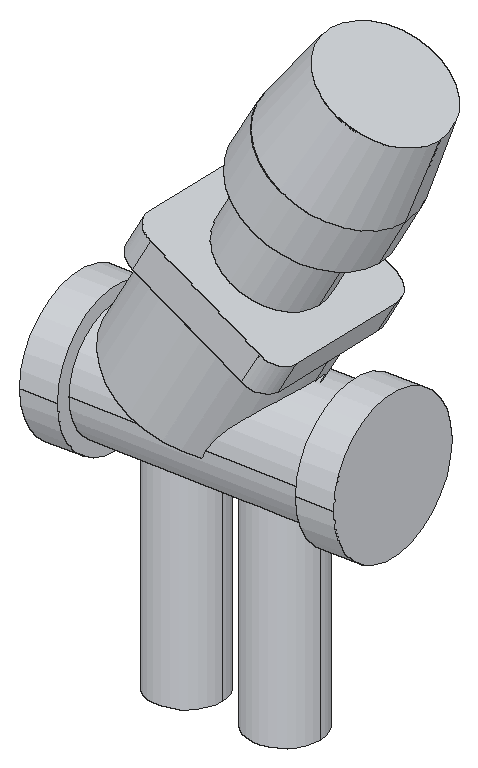
Revit family "OPTIMA_Compact_Plus_MM_DN20_5,5_RFA_2019", category Pipe Accessories, Revit 2019
Family settings
  Round Connector Dimension = Use Diameter
  Part Type = Valve - Breaks Into
  Work Plane-Based = No
  Always vertical = Yes
  Cut with Voids When Loaded = No
  Shared = No
Parameters (values of type "OPTIMA Compact Plus DN20 M-M 5.5mm")
  magiProductId = "3e0f5dc7d8ae4d97894bd6f679fd3a"
  magiProductFamilyId = "3f7bf62c6d3e4202b9bf465282540d"
  magiPartTypeId = 304
  isMeasuringValve [instance] = no
  ang2D [instance] = 0.00°
  Z = 0 mm
  X = 10 mm
  W2D = 32 mm
  VersionID = "2.0/2018.8.28.1/FRESE_OPTIMA-COMPACT-MM_001"
  Use Minimum Symbol Size [instance] = yes
  URL = "www.hydronic.cz"
  Type Comments = "vnější závit; PN25; 0~120°C, s měřením"
  R9 = 8 mm
  R8 = 14 mm
  R7 = 17 mm
  R6 = 12 mm
  R5 = 5 mm
  R4 = 19 mm
  R3 = 19 mm
  R2 = 13.5 mm
  R1 = 16.5 mm
  QmdConnectorList = "301;D;302;D"
  Productdata [instance] = ""
  PLG0 = yes
  Manufacturer = "Hydronic Systems Prague s.r.o."
  MC Product Code = "53-1331  (1\" M-M; 5.5mm; Qmin-dpmin 300l/h-17.8kPa; Qmax-dpmin 1800l/h-40.0kPa; dpmax 800kPa)"
  MC Piping Given Pressure Drop [instance] = 0.0 Pa
  LL = 35 mm
  L3 = 11 mm
  L2D_Min = 3048 mm
  L2D = 104 mm
  L2 = 53.2 mm
  L1__ve = -L1  # -8.4 mm
  L1 = 8.4 mm
  H6__ve = -H6  # -58.5 mm
  H6 = 58.5 mm
  H5 = 20 mm
  H4 = 12 mm
  H3 = 18 mm
  H2 = 8 mm
  H1 = 26 mm
  Description = "Tlakově nezávislý 2-cestný regulační vyvažovací ventil (PICV)"
  D = 20 mm
  A = 30.00°
Types (8, lengths in mm): name | magiProductId | Z | X | R4 | R3 | R2 | R1 | MC Product Code | LL | L3 | L2 | L1__ve | L1 | H6__ve | H6 | H5 | H3 | H2 | H1 | D
  OPTIMA Compact Plus DN32 M-M 5.5mm | "ffa5e363716249e69711c5a01860df" | 1 | 13 | 29 | 31.5 | 22 | 24 | "53-1333  (6/4\" M-M; 5.5mm; Qmin-dpmin 550l/h-17.9kPa; Qmax-dpmin 4001l/h-28.0kPa; dpmax 800kPa)" | 52 | 12.5 | 79.04 | -12.48 | 12.48 | -66 | 66 | 20 | 16 | 10 | 46 | 32
  OPTIMA Compact Plus DN15 M-M 2.5mm | "744f5c1a8b784a0caf7e95e8856504" | 0 | 7 | 19 | 19 | 12 | 13 | "53-1324  (3/4\" M-M; 2.5mm; Qmin-dpmin 100l/h-14.9kPa; Qmax-dpmin 575l/h-18.5kPa; dpmax 800kPa)" | 32.5 | 11 | 49.4 | -7.8 | 7.8 | -55 | 55 | 20 | 18 | 8 | 26 | 15
  OPTIMA Compact Plus DN15 M-M 5.0mm | "cc68fe6008154c3392e26a3dfeb2d1" | 0 | 7 | 19 | 19 | 12 | 13 | "53-1325  (3/4\" M-M; 5.0mm; Qmin-dpmin 220l/h-16.0kPa; Qmax-dpmin 1330l/h-21.6kPa; dpmax 800kPa)" | 32.5 | 11 | 49.4 | -7.8 | 7.8 | -55 | 55 | 20 | 18 | 8 | 26 | 15
  OPTIMA Compact Plus DN20 M-M 5.0mm | "af4b706c92c34122b2cf0a056ee45d" | 0 | 10 | 19 | 19 | 13.5 | 16.5 | "53-1328  (1\" M-M; 5.0mm; Qmin-dpmin 220l/h-16.0kPa; Qmax-dpmin 1330l/h-21.6kPa; dpmax 800kPa)" | 35 | 11 | 53.2 | -8.4 | 8.4 | -58.5 | 58.5 | 20 | 18 | 8 | 26 | 20
  OPTIMA Compact Plus DN20 M-M 5.5mm | "3e0f5dc7d8ae4d97894bd6f679fd3a" | 0 | 10 | 19 | 19 | 13.5 | 16.5 | "53-1331  (1\" M-M; 5.5mm; Qmin-dpmin 300l/h-17.8kPa; Qmax-dpmin 1800l/h-40.0kPa; dpmax 800kPa)" | 35 | 11 | 53.2 | -8.4 | 8.4 | -58.5 | 58.5 | 20 | 18 | 8 | 26 | 20
  OPTIMA Compact Plus DN25 M-M 5.5mm | "30c02b6104a34c7a9c49bd2b7417bc" | 0 | 13 | 29 | 31.5 | 18.5 | 21 | "53-1332  (5/4\" M-M; 5.5mm; Qmin-dpmin 600l/h-17.3kPa; Qmax-dpmin 3609l/h-23.0kPa; dpmax 800kPa)" | 52 | 12.5 | 79.04 | -12.48 | 12.48 | -63 | 63 | 20 | 16 | 10 | 43 | 25
  OPTIMA Compact Plus DN10 M-M 2.5mm | "273b30465bdd4e038d4ed21de5046f" | 0 | 7 | 19 | 19 | 9 | 10.5 | "53-1320  (1/2\" M-M; 2.5mm; Qmin-dpmin 30l/h-14.3kPa; Qmax-dpmin 200l/h-15.8kPa; dpmax 800kPa)" | 32.5 | 11 | 49.4 | -7.8 | 7.8 | -52.5 | 52.5 | 17 | 18 | 8 | 30 | 10
  OPTIMA Compact Plus DN10 M-M 5.0mm | "05e83065d4b14c0ea9b5a56fcd5d4f" | 0 | 7 | 19 | 19 | 9 | 10.5 | "53-1329  (1/2\" M-M; 5.0mm; Qmin-dpmin 65l/h-14.6kPa; Qmax-dpmin 370l/h-17.2kPa; dpmax 800kPa)" | 32.5 | 11 | 49.4 | -7.8 | 7.8 | -52.5 | 52.5 | 17 | 18 | 8 | 30 | 10
Reference planes
  plane 1 "Center (Front/Back)": y = 0
  plane 2 "XYPLANE": z = 0
  plane 3 "Center (Left/Right)": x = 0
  plane 4 "267": x = 11
  plane 5 "266": x = -11
  plane 6 "252": through (-607.519, 0, 447.746) normal (0.5, 0, 0.866)
  plane 7 "250": through (-617.519, 0, 430.426) normal (0.5, 0, 0.866)
  plane 8 "248": through (-623.519, 0, 420.033) normal (0.5, 0, 0.866)
  plane 9 "245": through (-632.519, 0, 404.445) normal (0.5, 0, 0.866)
  plane 10 "241": through (349.885, 0, 664.019) normal (0.866, 0, -0.5)
  plane 11 "240": through (382.794, 0, 645.019) normal (0.866, 0, -0.5)
  plane 12 "239": y = -19
  plane 13 "238": y = 19
  plane 14 "237": through (-636.519, 0, 397.517) normal (0.5, 0, 0.866)
  plane 15 "235": through (-649.519, 0, 375) normal (0.5, 0, 0.866)
  plane 16 "231": y = 0
  plane 17 "230": through (366.34, 0, 654.519) normal (0.866, 0, -0.5)
  plane 18 "211": x = -26.6
  plane 19 "204": x = 35
  plane 20 "203": x = -35
  plane 21 "202": x = 0
  plane 22 "201": z = 0
  plane 23 "200": y = 0
  plane 24 "227XY": through (-649.519, 0, 375) normal (0.5, 0, 0.866)
  plane 25 "227XZ": y = 0
  plane 26 "227YZ": through (375, 0, 649.519) normal (0.866, 0, -0.5)
Forms (mm)
  Extrusion 1, solid, visible <- "PLG0"
    sketch origin (-750, 0, 0) x (1, 0, 0) y (0, 1, 0)
      loop
        circle (761, 0) r 8
    from 0 to -58.5 <- "H6__ve"
  Extrusion 2, solid, visible <- "PLG0"
    sketch origin (-750, 0, 0) x (1, 0, 0) y (0, 1, 0)
      loop
        circle (739, 0) r 8
    from 0 to -58.5 <- "H6__ve"
  Blend 3, solid
    base sketch origin (-617.519, 0, 430.426) x (0.866025, 0, -0.5) y (0, 1, 0)
      loop
        circle (740, 0) r 17
    top sketch origin (-617.519, 0, 430.426) x (0.866025, 0, -0.5) y (0, 1, 0)
      loop
        circle (740, 0) r 14
    from 0 to 20
  Extrusion 4, solid
    sketch origin (-623.519, 0, 420.033) x (0.866025, 0, -0.5) y (0, 1, 0)
      loop
        circle (740, 0) r 17
    from 0 to 12 <- "H4"
  Extrusion 5, solid
    sketch origin (-632.519, 0, 404.445) x (0.866025, 0, -0.5) y (0, 1, 0)
      loop
        circle (740, 0) r 12
    from 0 to 18 <- "H3"
  Extrusion 6, solid
    sketch origin (-636.519, 0, 397.517) x (0.866025, 0, -0.5) y (0, 1, 0)
      loop
        arc (726, 19) -> (722.464, 17.536) -> (721, 14) r 5
        line (721, 14) -> (721, -14)
        arc (721, -14) -> (722.464, -17.536) -> (726, -19) r 5
        line (726, -19) -> (754, -19)
        arc (754, -19) -> (757.536, -17.536) -> (759, -14) r 5
        line (759, -14) -> (759, 14)
        arc (759, 14) -> (757.536, 17.536) -> (754, 19) r 5
        line (754, 19) -> (726, 19)
    from 0 to 8 <- "H2"
  Extrusion 7, solid
    sketch origin (-649.519, 0, 375) x (0.866025, 0, -0.5) y (0, 1, 0)
      loop
        circle (740, 0) r 19
    from 0 to 26 <- "H1"
  Extrusion 8, solid
    sketch origin (-26.6, -750, 0) x (0, 1, 0) y (0, 0, 1)
      loop
        circle (750, 0) r 13.5
    from 0 to 53.2 <- "L2"
  Extrusion 9, solid
    sketch origin (35, -750, 0) x (0, 1, 0) y (0, 0, 1)
      loop
        circle (750, 0) r 16.5
    from 0 to -8.4 <- "L1__ve"
  Extrusion 10, solid
    sketch origin (-35, -750, 0) x (0, 1, 0) y (0, 0, 1)
      loop
        circle (750, 0) r 16.5
    from 0 to 8.4 <- "L1"
  Extrusion 11, solid, not visible
    sketch origin (35, -750, 0) x (0, 1, 0) y (0, 0, 1)
      loop
        circle (750, 0) r 10
    from 0 to -10
  Extrusion 12, solid, not visible
    sketch origin (-35, -750, 0) x (0, 1, 0) y (0, 0, 1)
      loop
        circle (750, 0) r 10
    from 0 to 10
Lines and regions (mm)
  reference lines, not visible
    curve 1: circle (2, 2, 0) r 1 normal (0, 0, 1)
Text (mm)
  text "© Progman Oy, all rights reserved" at (-472.209, -2482.653, 0), in view "Ref. Level"
Dimensions and locks
  plane 1 "Center (Front/Back)" to curve 1 = 2 mm
  "L3": plane 3 "Center (Left/Right)" to plane 4 "267"
  "L3": plane 3 "Center (Left/Right)" to plane 5 "266"
  "H5": plane 7 "250" to plane 6 "252"
  "H4": plane 8 "248" to plane 7 "250"
  "H3": plane 9 "245" to plane 8 "248"
  "H2": plane 14 "237" to plane 9 "245"
  "R4": plane 17 "230" to plane 10 "241"
  "R4": plane 17 "230" to plane 11 "240"
  "R4": plane 23 "200" to plane 12 "239"
  "R4": plane 23 "200" to plane 13 "238"
  "H1": plane 15 "235" to plane 14 "237"
  "Z": plane 24 "227XY" to plane 15 "235"
  locked: plane 23 "200" to plane 16 "231"
  "X": plane 26 "227YZ" to plane 17 "230"
  "L1": plane 20 "203" to plane 18 "211"
  "LL": plane 3 "Center (Left/Right)" to plane 19 "204"
  "LL": plane 3 "Center (Left/Right)" to plane 20 "203"
  locked: plane 3 "Center (Left/Right)" to plane 21 "202"
  locked: plane 2 "XYPLANE" to plane 22 "201"
  locked: plane 1 "Center (Front/Back)" to plane 23 "200"
  Extrusion 6 sketch curve to Extrusion 6 sketch curve = 0 mm  (x16)
  "R9": radius of Extrusion 1 sketch curve
  "R9": radius of Extrusion 2 sketch curve
  "R8": radius of Blend 3 sketch curve
  "R7": radius of Blend 3 sketch curve
  "R7": radius of Extrusion 4 sketch curve
  "R6": radius of Extrusion 5 sketch curve
  "R5": radius of Extrusion 6 sketch curve  (x4)
  "R3": radius of Extrusion 7 sketch curve
  "R2": radius of Extrusion 8 sketch curve
  "R1": radius of Extrusion 9 sketch curve
  "R1": radius of Extrusion 10 sketch curve
  aligned and locked: level to plane 2 "XYPLANE"
  aligned and locked: plane 4 "267" to Extrusion 1 sketch curve
  aligned and locked: plane 23 "200" to Extrusion 1 sketch curve
  aligned and locked: plane 5 "266" to Extrusion 2 sketch curve
  aligned and locked: plane 23 "200" to Extrusion 2 sketch curve
  aligned and locked: plane 16 "231" to Blend 3 sketch curve  (x2)
  aligned and locked: Blend 3 sketch curve to plane 17 "230"  (x2)
  aligned and locked: plane 6 "252" to Blend 3
  aligned and locked: plane 16 "231" to Extrusion 4 sketch curve
  aligned and locked: Extrusion 4 sketch curve to plane 17 "230"
  aligned and locked: plane 16 "231" to Extrusion 5 sketch curve
  aligned and locked: Extrusion 5 sketch curve to plane 17 "230"
  aligned and locked: Extrusion 6 sketch curve to plane 10 "241"
  aligned and locked: Extrusion 6 sketch curve to plane 12 "239"
  aligned and locked: Extrusion 6 sketch curve to plane 11 "240"
  aligned and locked: plane 13 "238" to Extrusion 6 sketch curve
  aligned and locked: plane 16 "231" to Extrusion 7 sketch curve
  aligned and locked: Extrusion 7 sketch curve to plane 17 "230"
  aligned and locked: plane 22 "201" to Extrusion 8 sketch curve
  aligned and locked: Extrusion 8 sketch curve to plane 23 "200"
  aligned and locked: plane 22 "201" to Extrusion 9 sketch curve
  aligned and locked: Extrusion 9 sketch curve to plane 23 "200"
  aligned and locked: plane 22 "201" to Extrusion 10 sketch curve
  aligned and locked: Extrusion 10 sketch curve to plane 23 "200"
  aligned and locked: plane 22 "201" to Extrusion 11 sketch curve
  aligned and locked: Extrusion 11 sketch curve to plane 23 "200"
  aligned and locked: plane 22 "201" to Extrusion 12 sketch curve
  aligned and locked: Extrusion 12 sketch curve to plane 23 "200"
Automatic sketch dimensions
  plane 1 "Center (Front/Back)" to Extrusion 11 sketch curve = 10 mm
  plane 1 "Center (Front/Back)" to Extrusion 12 sketch curve = 10 mm
  plane 3 "Center (Left/Right)" to curve 1 = 2 mm
  radius of curve 1 = 1 mm
Connectors
  piping at (-35, 0, 0), diameter 20, driven by "D"
    settings: on Extrusion 12, index 1, connector inside diameter 609.6 mm, connector length 0 mm, flow factor 0, pipe flow 0.0 L/s, pressure drop 0.0 Pa, fitting loss kfactor 0, connector angle 0.00°, fixture units 0, engagement length 0 mm, angle of deflection 0.00°, flow configuration 0, flow direction 0, fitting loss method 0, system type 29, joint type 0, gender type 0, connector reference index 2, connector utility 0, adjustable connector no, is connector primary yes, connector description ""
  piping at (35, 0, 0), diameter 20, driven by "D"
    settings: on Extrusion 11, index 2, connector inside diameter 609.6 mm, connector length 0 mm, flow factor 0, pipe flow 0.0 L/s, pressure drop 0.0 Pa, fitting loss kfactor 0, connector angle 0.00°, fixture units 0, engagement length 0 mm, angle of deflection 0.00°, flow configuration 0, flow direction 0, fitting loss method 0, system type 29, joint type 0, gender type 0, connector reference index 1, connector utility 0, adjustable connector no, is connector primary no, connector description ""
